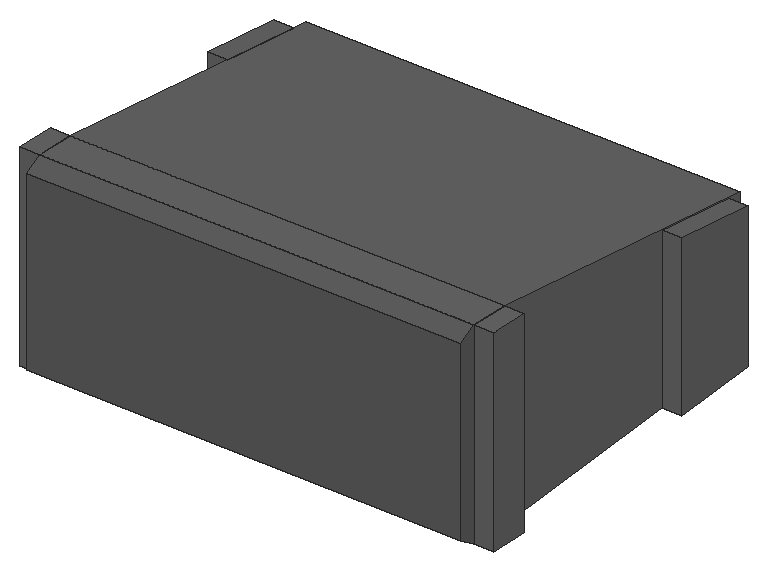
Revit family "WL3082", category Communication Devices, Revit 2012
Parameters
  Width = 21.700"
  Weight Product (lb) = 38
  Weight Product (kg) = 17
  Weight Dimensional (lb) = 45.5
  Weight Dimensional (kg) = 20.7
  URL = "http://www.qscaudio.com/products/speakers/wideline-8/"
  Sensitivity 3 = 108
  Sensitivity 2 = 98
  Sensitivity = 98
  SPL Max = 127
  Rigging Collision Zone Width = (Width - Enclosure Width) / 2  # 0.900"
  Rigging Collision Zone Finish = Black Finish
  Regulatory Compliance = "RoHS"
  Rear Rigging Collision Zone Rear Offset = 15.311"
  Rear Rigging Collision Zone Front Offset = 11.531"
  Rear Height = 6.48047"
  Product Page URL = "http://www.qscaudio.com/products/speakers/wideline-8/"
  Product Documentation Link = "http://media.qscaudio.com/pdfs/Specifications/WideLine8_spec.pdf"
  Power Handling 3 = 85
  Power Handling 2 = 250
  Power Handling = 250
  Model = "WL3082"
  Mid Section Rear Offset = 2.500"
  Manufacturer URL = "www.qscaudio.com"
  Manufacturer = "QSC Audio Products, LLC"
  Impedance 3 = 16
  Impedance 2 = 16
  Impedance = 16
  Height = 9.000"
  Grill Rear Offset = 0.750"
  Grill Front Height = 8.063"
  Grill Finish = Black Grille
  Enclosure Width = 19.900"
  Enclosure Finish = Black Finish
  Description = "Dual 8\" Line Array Loudspeaker Element"
  Depth = 16.000"
  Default Elevation = 0.000"
  Coverage Vertical = 10.00°
  Coverage Horizontal = 140.00°
Reference planes (in)
  plane 1 "Center (Front/Back)": y = 0
  plane 2: z = 0
  plane 3 "Center (Left/Right)": x = 0
  plane 4 "Enclosure Rear Extent": y = 16
  plane 5 "Enclosure Top": z = 4.5
  plane 6 "Enclosure Bottom": z = -4.5
  plane 7 "Enclosure Rear Bottom": z = -3.24023
  plane 8 "Enclosure Rear Top": z = 3.24023
  plane 9 "Grill Rear Extent": y = 0.75
  plane 10 "Mid Section Rear Extent": y = 2.5
  plane 11 "Grill Front Top": z = 4.0315
  plane 12 "Grill Front Bottom": z = -4.0315
  plane 13 "Enclosure Right": x = 9.95
  plane 14 "Enclosure Left": x = -9.95
  plane 15 "Rear Rigging Collision Zone Front": y = 11.531
  plane 16 "Rear Rigging Collision Zone Rear": y = 15.311
  plane 17 "Rigging Collision Zone Extent Left": x = -10.85
  plane 18 "Rigging Collision Zone Extent Right": x = 10.85
  plane 19: y = 6.7362
  plane 20: y = 11.031
  plane 21: z = 0
  plane 22: y = 6.7362
  plane 23: y = 11.031
  plane 24: z = 0.03895
  plane 25: y = 11.031
  plane 26: y = 6.7362
  plane 27: z = 0
Forms (in)
  Extrusion 1, solid, material "Black Finish" <- "Enclosure Finish"
    sketch origin (9.95, 0, 0) x (0, 1, 0) y (0, 0, -1)
      loop
        line (0.75, -4.5) -> (2.5, -4.5) -> (16, -3.24023) -> (16, 3.24023) -> (2.5, 4.5) -> (0.75, 4.5) -> (0.75, -4.5)
    from 0 to 19.9 <- "Enclosure Width"
  Extrusion 2, solid, material "Black Grille" <- "Grill Finish"
    sketch origin (9.95, 0, 0) x (0, 1, 0) y (0, 0, -1)
      loop
        line (0.75, -4.5) -> (0.75, 4.5) -> (0, 4.0315) -> (0, -4.0315) -> (0.75, -4.5)
    from 0 to 19.9 <- "Enclosure Width"
  Extrusion 3, solid, material "Black Finish" <- "Rigging Collision Zone Finish"
    sketch origin (10.85, 0, 0) x (0, 1, 0) y (0, 0, -1)
      loop
        line (11.531, -3.65726) -> (15.311, -3.30453) -> (15.311, 3.30453) -> (11.531, 3.65726) -> (11.531, -3.65726)
    from 0 to 0.9 <- "Rigging Collision Zone Width"
  Extrusion 4, solid, material "Black Finish" <- "Rigging Collision Zone Finish"
    sketch origin (-10.85, 0, 0) x (0, 1, 0) y (0, 0, 1)
      loop
        line (11.531, 3.65726) -> (11.531, -3.65726) -> (15.311, -3.30453) -> (15.311, 3.30453) -> (11.531, 3.65726)
    from 0 to 0.9 <- "Rigging Collision Zone Width"
  Extrusion 5, solid, material "Black Finish" <- "Rigging Collision Zone Finish"
    sketch origin (-10.85, 0, 0) x (0, 1, 0) y (0, 0, 1)
      loop
        line (0.75, 4.5) -> (0.75, -4.5) -> (2.5, -4.5) -> (2.5, 4.5) -> (0.75, 4.5)
    from 0 to 0.9 <- "Rigging Collision Zone Width"
  Extrusion 6, solid, material "Black Finish" <- "Rigging Collision Zone Finish"
    sketch origin (10.85, 0, 0) x (0, 1, 0) y (0, 0, -1)
      loop
        line (0.75, -4.5) -> (2.5, -4.5) -> (2.5, 4.5) -> (0.75, 4.5) -> (0.75, -4.5)
    from 0 to 0.9 <- "Rigging Collision Zone Width"
  Extrusion 7, void
    sketch origin (0, 16, 0) x (0, 0, 1) y (-1, 0, 0)
      loop
        line (1.9845, -2.6095) -> (1.9845, 2.6095)
        arc (1.9845, 2.6095) -> (1.92441, 2.73268) -> (1.79134, 2.7655) r 0.16173
        line (1.79134, 2.7655) -> (-1.79134, 2.7655)
        arc (-1.79134, 2.7655) -> (-1.92519, 2.73364) -> (-1.9845, 2.6095) r 0.15957
        line (-1.9845, 2.6095) -> (-1.9845, -2.6095)
        arc (-1.9845, -2.6095) -> (-1.91548, -2.72163) -> (-1.79134, -2.7655) r 0.19759
        line (-1.79134, -2.7655) -> (1.79134, -2.7655)
        arc (1.79134, -2.7655) -> (1.92453, -2.73283) -> (1.9845, -2.6095) r 0.16139
    from 0 to 0.1
Cuts and joins
  Extrusion 7 cuts Extrusion 1
Lines and regions (in)
  reference lines
    curve 1: line (-9.95, 16, 3.24023) -> (-9.95, 2.5, 4.5)
    curve 2: line (-9.95, 16, -3.24023) -> (-9.95, 2.5, -4.5)
  model lines, not visible, detail levels medium+fine
    curve 3: line (7.95, 12.69672, 0) -> (7.95, 12.69672, 3.86363)
    curve 4: line (7.95, 12.83262, 3.98816) -> (7.95, 16.11636, 3.70087)
    curve 5: arc (7.95, 12.69672, 3.86363) -> (7.95, 12.73727, 3.95579) -> (7.95, 12.83262, 3.98816) r 0.125
    curve 6: line (7.95, 16.57278, 3.20277) -> (7.95, 16.57278, 0)
    curve 7: arc (7.95, 16.11636, 3.70087) -> (7.95, 16.44142, 3.54057) -> (7.95, 16.57278, 3.20277) r 0.5
    curve 8: line (7.95, 12.69672, 0) -> (7.95, 12.69672, -3.86363)
    curve 9: line (7.95, 12.83262, -3.98816) -> (7.95, 16.11636, -3.70087)
    curve 10: arc (7.95, 12.69672, -3.86363) -> (7.95, 12.73727, -3.95579) -> (7.95, 12.83262, -3.98816) r 0.125
    curve 11: line (7.95, 16.57278, -3.20277) -> (7.95, 16.57278, 0)
    curve 12: arc (7.95, 16.11636, -3.70087) -> (7.95, 16.44142, -3.54057) -> (7.95, 16.57278, -3.20277) r 0.5
    curve 13: line (7.95, 13.92376, 0) -> (7.95, 13.92376, 2.64085)
    curve 14: line (7.95, 14.33691, 3.0139) -> (7.95, 15.32756, 2.91257)
    curve 15: line (7.95, 15.4959, 0) -> (7.95, 15.4959, 2.72613)
    curve 16: line (7.95, 13.92376, 0) -> (7.95, 13.92376, -2.64085)
    curve 17: line (7.95, 14.33691, -3.0139) -> (7.95, 15.32756, -2.91257)
    curve 18: line (7.95, 15.4959, 0) -> (7.95, 15.4959, -2.72613)
    curve 19: arc (7.95, 13.92376, 2.64085) -> (7.95, 14.04744, 2.91918) -> (7.95, 14.33691, 3.0139) r 0.375
    curve 20: arc (7.95, 15.32756, 2.91257) -> (7.95, 15.4477, 2.85183) -> (7.95, 15.4959, 2.72613) r 0.187
    curve 21: arc (7.95, 13.92376, -2.64085) -> (7.95, 14.04744, -2.91918) -> (7.95, 14.33691, -3.0139) r 0.375
    curve 22: arc (7.95, 15.32756, -2.91257) -> (7.95, 15.4477, -2.85183) -> (7.95, 15.4959, -2.72613) r 0.187
  model lines, detail levels fine
    curve 23: line (9.95, 6.9494, 0.39835) -> (9.95, 6.7362, -0.00035)
    curve 24: line (9.95, 6.7362, -0.00035) -> (9.95, 6.9493, -0.39825)
    curve 25: arc (9.95, 7.5622, -0.45175) -> (9.95, 7.56938, -0.46907) -> (9.95, 7.5867, -0.47625) r 0.0245
    curve 26: arc (9.95, 7.8179, -0.47625) -> (9.95, 7.83522, -0.46907) -> (9.95, 7.8424, -0.45175) r 0.0245
    curve 27: line (9.95, 7.9597, -0.39835) -> (9.95, 8.1475, -0.24815)
    curve 28: line (9.95, 8.1475, 0.24785) -> (9.95, 7.9597, 0.39835)
    curve 29: arc (9.95, 7.9495, 0.18405) -> (9.95, 7.9338, 0.22195) -> (9.95, 7.8959, 0.23765) r 0.0536
    curve 30: arc (9.95, 7.8959, -0.23765) -> (9.95, 7.9338, -0.22195) -> (9.95, 7.9495, -0.18405) r 0.0536
    curve 31: arc (9.95, 7.8424, -0.18405) -> (9.95, 7.83522, -0.16673) -> (9.95, 7.8179, -0.15955) r 0.0245
    curve 32: arc (9.95, 7.5867, -0.15955) -> (9.95, 7.56938, -0.16673) -> (9.95, 7.5622, -0.18405) r 0.0245
    curve 33: arc (9.95, 7.0584, -0.18405) -> (9.95, 7.0741, -0.22195) -> (9.95, 7.112, -0.23765) r 0.0536
    curve 34: arc (9.95, 7.112, 0.23765) -> (9.95, 7.0741, 0.22195) -> (9.95, 7.0584, 0.18405) r 0.0536
    curve 35: line (9.95, 8.4265, 0.39835) -> (9.95, 8.2428, 0.15845)
    curve 36: line (9.95, 8.2428, 0.15845) -> (9.95, 8.4265, -0.07705)
    curve 37: arc (9.95, 9.2358, -0.13065) -> (9.95, 9.2201, -0.09275) -> (9.95, 9.1822, -0.07705) r 0.0536
    curve 38: arc (9.95, 9.1822, -0.23775) -> (9.95, 9.2201, -0.22205) -> (9.95, 9.2358, -0.18415) r 0.0536
    curve 39: arc (9.95, 8.2986, -0.23775) -> (9.95, 8.2607, -0.25345) -> (9.95, 8.245, -0.29135) r 0.0536
    curve 40: arc (9.95, 8.245, -0.34485) -> (9.95, 8.2607, -0.38275) -> (9.95, 8.2986, -0.39845) r 0.0536
    curve 41: line (9.95, 9.4073, -0.39845) -> (9.95, 9.5919, -0.15775)
    curve 42: line (9.95, 9.5919, -0.15775) -> (9.95, 9.4073, 0.07695)
    curve 43: arc (9.95, 8.598, 0.13055) -> (9.95, 8.6137, 0.09265) -> (9.95, 8.6516, 0.07695) r 0.0536
    curve 44: arc (9.95, 8.6516, 0.23765) -> (9.95, 8.6137, 0.22195) -> (9.95, 8.598, 0.18405) r 0.0536
    curve 45: arc (9.95, 9.5352, 0.23765) -> (9.95, 9.5731, 0.25335) -> (9.95, 9.5888, 0.29125) r 0.0536
    curve 46: arc (9.95, 9.5888, 0.34475) -> (9.95, 9.5731, 0.38265) -> (9.95, 9.5352, 0.39835) r 0.0536
    curve 47: line (9.95, 9.9061, 0.39835) -> (9.95, 9.67982, -0.00131)
    curve 48: line (9.95, 9.67982, -0.00131) -> (9.95, 9.9061, -0.39835)
    curve 49: arc (9.95, 10.9774, -0.39835) -> (9.95, 11.0153, -0.38265) -> (9.95, 11.031, -0.34475) r 0.0536
    curve 50: arc (9.95, 11.031, -0.29125) -> (9.95, 11.0153, -0.25335) -> (9.95, 10.9774, -0.23765) r 0.0536
    curve 51: arc (9.95, 10.0102, -0.18405) -> (9.95, 10.0259, -0.22195) -> (9.95, 10.0638, -0.23765) r 0.0536
    curve 52: arc (9.95, 10.0638, 0.23765) -> (9.95, 10.0259, 0.22195) -> (9.95, 10.0102, 0.18405) r 0.0536
    curve 53: arc (9.95, 10.9774, 0.23765) -> (9.95, 11.0153, 0.25335) -> (9.95, 11.031, 0.29125) r 0.0536
    curve 54: arc (9.95, 11.031, 0.34475) -> (9.95, 11.0153, 0.38265) -> (9.95, 10.9774, 0.39835) r 0.0536
    curve 55: line (9.95, 6.9493, -0.39825) -> (9.95, 7.5622, -0.39825)
    curve 56: line (9.95, 7.5622, -0.39825) -> (9.95, 7.5622, -0.45175)
    curve 57: line (9.95, 7.5867, -0.47625) -> (9.95, 7.8179, -0.47625)
    curve 58: line (9.95, 7.8424, -0.45175) -> (9.95, 7.8424, -0.39835)
    curve 59: line (9.95, 7.8424, -0.39835) -> (9.95, 7.9597, -0.39835)
    curve 60: line (9.95, 8.1475, -0.24815) -> (9.95, 8.1475, 0.24785)
    curve 61: line (9.95, 7.9597, 0.39835) -> (9.95, 6.9494, 0.39835)
    curve 62: line (9.95, 7.112, 0.23765) -> (9.95, 7.8959, 0.23765)
    curve 63: line (9.95, 7.9495, 0.18405) -> (9.95, 7.9495, -0.18405)
    curve 64: line (9.95, 7.8959, -0.23765) -> (9.95, 7.8424, -0.23765)
    curve 65: line (9.95, 7.8424, -0.23765) -> (9.95, 7.8424, -0.18405)
    curve 66: line (9.95, 7.8179, -0.15955) -> (9.95, 7.5867, -0.15955)
    curve 67: line (9.95, 7.5622, -0.18405) -> (9.95, 7.5622, -0.23765)
    curve 68: line (9.95, 7.5622, -0.23765) -> (9.95, 7.112, -0.23765)
    curve 69: line (9.95, 7.0584, -0.18405) -> (9.95, 7.0584, 0.18405)
    curve 70: line (9.95, 8.4265, -0.07705) -> (9.95, 9.1822, -0.07705)
    curve 71: line (9.95, 9.2358, -0.13065) -> (9.95, 9.2358, -0.18415)
    curve 72: line (9.95, 9.1822, -0.23775) -> (9.95, 8.2986, -0.23775)
    curve 73: line (9.95, 8.245, -0.29135) -> (9.95, 8.245, -0.34485)
    curve 74: line (9.95, 8.2986, -0.39845) -> (9.95, 9.4073, -0.39845)
    curve 75: line (9.95, 9.4073, 0.07695) -> (9.95, 8.6516, 0.07695)
    curve 76: line (9.95, 8.598, 0.13055) -> (9.95, 8.598, 0.18405)
    curve 77: line (9.95, 8.6516, 0.23765) -> (9.95, 9.5352, 0.23765)
    curve 78: line (9.95, 9.5888, 0.29125) -> (9.95, 9.5888, 0.34475)
    curve 79: line (9.95, 9.5352, 0.39835) -> (9.95, 8.4265, 0.39835)
    curve 80: line (9.95, 9.9061, -0.39835) -> (9.95, 10.9774, -0.39835)
    curve 81: line (9.95, 11.031, -0.34475) -> (9.95, 11.031, -0.29125)
    curve 82: line (9.95, 10.9774, -0.23765) -> (9.95, 10.0638, -0.23765)
    curve 83: line (9.95, 10.0102, -0.18405) -> (9.95, 10.0102, 0.18405)
    curve 84: line (9.95, 10.0638, 0.23765) -> (9.95, 10.9774, 0.23765)
    curve 85: line (9.95, 11.031, 0.29125) -> (9.95, 11.031, 0.34475)
    curve 86: line (9.95, 10.9774, 0.39835) -> (9.95, 9.9061, 0.39835)
    curve 151: line (-9.95, 10.8178, 0.39835) -> (-9.95, 11.031, -0.00035)
    curve 152: line (-9.95, 11.031, -0.00035) -> (-9.95, 10.8179, -0.39825)
    curve 153: arc (-9.95, 10.205, -0.45175) -> (-9.95, 10.19782, -0.46907) -> (-9.95, 10.1805, -0.47625) r 0.0245
    curve 154: arc (-9.95, 9.9493, -0.47625) -> (-9.95, 9.93198, -0.46907) -> (-9.95, 9.9248, -0.45175) r 0.0245
    curve 155: line (-9.95, 9.8075, -0.39835) -> (-9.95, 9.6197, -0.24815)
    curve 156: line (-9.95, 9.6197, 0.24785) -> (-9.95, 9.8075, 0.39835)
    curve 157: arc (-9.95, 9.8177, 0.18405) -> (-9.95, 9.8334, 0.22195) -> (-9.95, 9.8713, 0.23765) r 0.0536
    curve 158: arc (-9.95, 9.8713, -0.23765) -> (-9.95, 9.8334, -0.22195) -> (-9.95, 9.8177, -0.18405) r 0.0536
    curve 159: arc (-9.95, 9.9248, -0.18405) -> (-9.95, 9.93198, -0.16673) -> (-9.95, 9.9493, -0.15955) r 0.0245
    curve 160: arc (-9.95, 10.1805, -0.15955) -> (-9.95, 10.19782, -0.16673) -> (-9.95, 10.205, -0.18405) r 0.0245
    curve 161: arc (-9.95, 10.7088, -0.18405) -> (-9.95, 10.6931, -0.22195) -> (-9.95, 10.6552, -0.23765) r 0.0536
    curve 162: arc (-9.95, 10.6552, 0.23765) -> (-9.95, 10.6931, 0.22195) -> (-9.95, 10.7088, 0.18405) r 0.0536
    curve 163: line (-9.95, 9.3407, 0.39835) -> (-9.95, 9.5244, 0.15845)
    curve 164: line (-9.95, 9.5244, 0.15845) -> (-9.95, 9.3407, -0.07705)
    curve 165: arc (-9.95, 8.5314, -0.13065) -> (-9.95, 8.5471, -0.09275) -> (-9.95, 8.585, -0.07705) r 0.0536
    curve 166: arc (-9.95, 8.585, -0.23775) -> (-9.95, 8.5471, -0.22205) -> (-9.95, 8.5314, -0.18415) r 0.0536
    curve 167: arc (-9.95, 9.4686, -0.23775) -> (-9.95, 9.5065, -0.25345) -> (-9.95, 9.5222, -0.29135) r 0.0536
    curve 168: arc (-9.95, 9.5222, -0.34485) -> (-9.95, 9.5065, -0.38275) -> (-9.95, 9.4686, -0.39845) r 0.0536
    curve 169: line (-9.95, 8.3599, -0.39845) -> (-9.95, 8.1753, -0.15775)
    curve 170: line (-9.95, 8.1753, -0.15775) -> (-9.95, 8.3599, 0.07695)
    curve 171: arc (-9.95, 9.1692, 0.13055) -> (-9.95, 9.1535, 0.09265) -> (-9.95, 9.1156, 0.07695) r 0.0536
    curve 172: arc (-9.95, 9.1156, 0.23765) -> (-9.95, 9.1535, 0.22195) -> (-9.95, 9.1692, 0.18405) r 0.0536
    curve 173: arc (-9.95, 8.232, 0.23765) -> (-9.95, 8.1941, 0.25335) -> (-9.95, 8.1784, 0.29125) r 0.0536
    curve 174: arc (-9.95, 8.1784, 0.34475) -> (-9.95, 8.1941, 0.38265) -> (-9.95, 8.232, 0.39835) r 0.0536
    curve 175: line (-9.95, 7.8611, 0.39835) -> (-9.95, 8.08738, -0.00131)
    curve 176: line (-9.95, 8.08738, -0.00131) -> (-9.95, 7.8611, -0.39835)
    curve 177: arc (-9.95, 6.7898, -0.39835) -> (-9.95, 6.7519, -0.38265) -> (-9.95, 6.7362, -0.34475) r 0.0536
    curve 178: arc (-9.95, 6.7362, -0.29125) -> (-9.95, 6.7519, -0.25335) -> (-9.95, 6.7898, -0.23765) r 0.0536
    curve 179: arc (-9.95, 7.757, -0.18405) -> (-9.95, 7.7413, -0.22195) -> (-9.95, 7.7034, -0.23765) r 0.0536
    curve 180: arc (-9.95, 7.7034, 0.23765) -> (-9.95, 7.7413, 0.22195) -> (-9.95, 7.757, 0.18405) r 0.0536
    curve 181: arc (-9.95, 6.7898, 0.23765) -> (-9.95, 6.7519, 0.25335) -> (-9.95, 6.7362, 0.29125) r 0.0536
    curve 182: arc (-9.95, 6.7362, 0.34475) -> (-9.95, 6.7519, 0.38265) -> (-9.95, 6.7898, 0.39835) r 0.0536
    curve 183: line (-9.95, 10.8179, -0.39825) -> (-9.95, 10.205, -0.39825)
    curve 184: line (-9.95, 10.205, -0.39825) -> (-9.95, 10.205, -0.45175)
    curve 185: line (-9.95, 10.1805, -0.47625) -> (-9.95, 9.9493, -0.47625)
    curve 186: line (-9.95, 9.9248, -0.45175) -> (-9.95, 9.9248, -0.39835)
    curve 187: line (-9.95, 9.9248, -0.39835) -> (-9.95, 9.8075, -0.39835)
    curve 188: line (-9.95, 9.6197, -0.24815) -> (-9.95, 9.6197, 0.24785)
    curve 189: line (-9.95, 9.8075, 0.39835) -> (-9.95, 10.8178, 0.39835)
    curve 190: line (-9.95, 10.6552, 0.23765) -> (-9.95, 9.8713, 0.23765)
    curve 191: line (-9.95, 9.8177, 0.18405) -> (-9.95, 9.8177, -0.18405)
    curve 192: line (-9.95, 9.8713, -0.23765) -> (-9.95, 9.9248, -0.23765)
    curve 193: line (-9.95, 9.9248, -0.23765) -> (-9.95, 9.9248, -0.18405)
    curve 194: line (-9.95, 9.9493, -0.15955) -> (-9.95, 10.1805, -0.15955)
    curve 195: line (-9.95, 10.205, -0.18405) -> (-9.95, 10.205, -0.23765)
    curve 196: line (-9.95, 10.205, -0.23765) -> (-9.95, 10.6552, -0.23765)
    curve 197: line (-9.95, 10.7088, -0.18405) -> (-9.95, 10.7088, 0.18405)
    curve 198: line (-9.95, 9.3407, -0.07705) -> (-9.95, 8.585, -0.07705)
    curve 199: line (-9.95, 8.5314, -0.13065) -> (-9.95, 8.5314, -0.18415)
    curve 200: line (-9.95, 8.585, -0.23775) -> (-9.95, 9.4686, -0.23775)
    curve 201: line (-9.95, 9.5222, -0.29135) -> (-9.95, 9.5222, -0.34485)
    curve 202: line (-9.95, 9.4686, -0.39845) -> (-9.95, 8.3599, -0.39845)
    curve 203: line (-9.95, 8.3599, 0.07695) -> (-9.95, 9.1156, 0.07695)
    curve 204: line (-9.95, 9.1692, 0.13055) -> (-9.95, 9.1692, 0.18405)
    curve 205: line (-9.95, 9.1156, 0.23765) -> (-9.95, 8.232, 0.23765)
    curve 206: line (-9.95, 8.1784, 0.29125) -> (-9.95, 8.1784, 0.34475)
    curve 207: line (-9.95, 8.232, 0.39835) -> (-9.95, 9.3407, 0.39835)
    curve 208: line (-9.95, 7.8611, -0.39835) -> (-9.95, 6.7898, -0.39835)
    curve 209: line (-9.95, 6.7362, -0.34475) -> (-9.95, 6.7362, -0.29125)
    curve 210: line (-9.95, 6.7898, -0.23765) -> (-9.95, 7.7034, -0.23765)
    curve 211: line (-9.95, 7.757, -0.18405) -> (-9.95, 7.757, 0.18405)
    curve 212: line (-9.95, 7.7034, 0.23765) -> (-9.95, 6.7898, 0.23765)
    curve 213: line (-9.95, 6.7362, 0.29125) -> (-9.95, 6.7362, 0.34475)
    curve 214: line (-9.95, 6.7898, 0.39835) -> (-9.95, 7.8611, 0.39835)
    curve 217: line (2.7655, 16, 1.79134) -> (2.7655, 16, -1.79134)
    curve 218: line (2.6095, 16, 1.9845) -> (-2.6095, 16, 1.9845)
    curve 219: line (-2.7655, 16, 1.79134) -> (-2.7655, 16, -1.79134)
    curve 220: line (-2.6095, 16, -1.9845) -> (2.6095, 16, -1.9845)
    curve 223: arc (2.7655, 16, -1.79134) -> (2.72163, 16, -1.91548) -> (2.6095, 16, -1.9845) r 0.19759
    curve 224: arc (2.7655, 16, 1.79134) -> (2.73283, 16, 1.92453) -> (2.6095, 16, 1.9845) r 0.16139
    curve 225: arc (-2.6095, 16, 1.9845) -> (-2.73268, 16, 1.92441) -> (-2.7655, 16, 1.79134) r 0.16173
    curve 226: arc (-2.6095, 16, -1.9845) -> (-2.73364, 16, -1.92519) -> (-2.7655, 16, -1.79134) r 0.15957
  model lines, not visible, detail levels fine
    curve 87: line (9.95, 6.9494, 0.4373) -> (9.95, 6.7362, 0.0386)
    curve 88: line (9.95, 6.7362, 0.0386) -> (9.95, 6.9493, -0.3593)
    curve 89: arc (9.95, 7.5622, -0.4128) -> (9.95, 7.56938, -0.43012) -> (9.95, 7.5867, -0.4373) r 0.0245
    curve 90: arc (9.95, 7.8179, -0.4373) -> (9.95, 7.83522, -0.43012) -> (9.95, 7.8424, -0.4128) r 0.0245
    curve 91: line (9.95, 7.9597, -0.3594) -> (9.95, 8.1475, -0.2092)
    curve 92: line (9.95, 8.1475, 0.2868) -> (9.95, 7.9597, 0.4373)
    curve 93: arc (9.95, 7.9495, 0.223) -> (9.95, 7.9338, 0.2609) -> (9.95, 7.8959, 0.2766) r 0.0536
    curve 94: arc (9.95, 7.8959, -0.1987) -> (9.95, 7.9338, -0.183) -> (9.95, 7.9495, -0.1451) r 0.0536
    curve 95: arc (9.95, 7.8424, -0.1451) -> (9.95, 7.83522, -0.12778) -> (9.95, 7.8179, -0.1206) r 0.0245
    curve 96: arc (9.95, 7.5867, -0.1206) -> (9.95, 7.56938, -0.12778) -> (9.95, 7.5622, -0.1451) r 0.0245
    curve 97: arc (9.95, 7.0584, -0.1451) -> (9.95, 7.0741, -0.183) -> (9.95, 7.112, -0.1987) r 0.0536
    curve 98: arc (9.95, 7.112, 0.2766) -> (9.95, 7.0741, 0.2609) -> (9.95, 7.0584, 0.223) r 0.0536
    curve 99: line (9.95, 8.4265, 0.4373) -> (9.95, 8.2428, 0.1974)
    curve 100: line (9.95, 8.2428, 0.1974) -> (9.95, 8.4265, -0.0381)
    curve 101: arc (9.95, 9.2358, -0.0917) -> (9.95, 9.2201, -0.0538) -> (9.95, 9.1822, -0.0381) r 0.0536
    curve 102: arc (9.95, 9.1822, -0.1988) -> (9.95, 9.2201, -0.1831) -> (9.95, 9.2358, -0.1452) r 0.0536
    curve 103: arc (9.95, 8.2986, -0.1988) -> (9.95, 8.2607, -0.2145) -> (9.95, 8.245, -0.2524) r 0.0536
    curve 104: arc (9.95, 8.245, -0.3059) -> (9.95, 8.2607, -0.3438) -> (9.95, 8.2986, -0.3595) r 0.0536
    curve 105: line (9.95, 9.4073, -0.3595) -> (9.95, 9.5919, -0.1188)
    curve 106: line (9.95, 9.5919, -0.1188) -> (9.95, 9.4073, 0.1159)
    curve 107: arc (9.95, 8.598, 0.1695) -> (9.95, 8.6137, 0.1316) -> (9.95, 8.6516, 0.1159) r 0.0536
    curve 108: arc (9.95, 8.6516, 0.2766) -> (9.95, 8.6137, 0.2609) -> (9.95, 8.598, 0.223) r 0.0536
    curve 109: arc (9.95, 9.5352, 0.2766) -> (9.95, 9.5731, 0.2923) -> (9.95, 9.5888, 0.3302) r 0.0536
    curve 110: arc (9.95, 9.5888, 0.3837) -> (9.95, 9.5731, 0.4216) -> (9.95, 9.5352, 0.4373) r 0.0536
    curve 111: line (9.95, 9.9061, 0.4373) -> (9.95, 9.67982, 0.03764)
    curve 112: line (9.95, 9.67982, 0.03764) -> (9.95, 9.9061, -0.3594)
    curve 113: arc (9.95, 10.9774, -0.3594) -> (9.95, 11.0153, -0.3437) -> (9.95, 11.031, -0.3058) r 0.0536
    curve 114: arc (9.95, 11.031, -0.2523) -> (9.95, 11.0153, -0.2144) -> (9.95, 10.9774, -0.1987) r 0.0536
    curve 115: arc (9.95, 10.0102, -0.1451) -> (9.95, 10.0259, -0.183) -> (9.95, 10.0638, -0.1987) r 0.0536
    curve 116: arc (9.95, 10.0638, 0.2766) -> (9.95, 10.0259, 0.2609) -> (9.95, 10.0102, 0.223) r 0.0536
    curve 117: arc (9.95, 10.9774, 0.2766) -> (9.95, 11.0153, 0.2923) -> (9.95, 11.031, 0.3302) r 0.0536
    curve 118: arc (9.95, 11.031, 0.3837) -> (9.95, 11.0153, 0.4216) -> (9.95, 10.9774, 0.4373) r 0.0536
    curve 119: line (9.95, 6.9493, -0.3593) -> (9.95, 7.5622, -0.3593)
    curve 120: line (9.95, 7.5622, -0.3593) -> (9.95, 7.5622, -0.4128)
    curve 121: line (9.95, 7.5867, -0.4373) -> (9.95, 7.8179, -0.4373)
    curve 122: line (9.95, 7.8424, -0.4128) -> (9.95, 7.8424, -0.3594)
    curve 123: line (9.95, 7.8424, -0.3594) -> (9.95, 7.9597, -0.3594)
    curve 124: line (9.95, 8.1475, -0.2092) -> (9.95, 8.1475, 0.2868)
    curve 125: line (9.95, 7.9597, 0.4373) -> (9.95, 6.9494, 0.4373)
    curve 126: line (9.95, 7.112, 0.2766) -> (9.95, 7.8959, 0.2766)
    curve 127: line (9.95, 7.9495, 0.223) -> (9.95, 7.9495, -0.1451)
    curve 128: line (9.95, 7.8959, -0.1987) -> (9.95, 7.8424, -0.1987)
    curve 129: line (9.95, 7.8424, -0.1987) -> (9.95, 7.8424, -0.1451)
    curve 130: line (9.95, 7.8179, -0.1206) -> (9.95, 7.5867, -0.1206)
    curve 131: line (9.95, 7.5622, -0.1451) -> (9.95, 7.5622, -0.1987)
    curve 132: line (9.95, 7.5622, -0.1987) -> (9.95, 7.112, -0.1987)
    curve 133: line (9.95, 7.0584, -0.1451) -> (9.95, 7.0584, 0.223)
    curve 134: line (9.95, 8.4265, -0.0381) -> (9.95, 9.1822, -0.0381)
    curve 135: line (9.95, 9.2358, -0.0917) -> (9.95, 9.2358, -0.1452)
    curve 136: line (9.95, 9.1822, -0.1988) -> (9.95, 8.2986, -0.1988)
    curve 137: line (9.95, 8.245, -0.2524) -> (9.95, 8.245, -0.3059)
    curve 138: line (9.95, 8.2986, -0.3595) -> (9.95, 9.4073, -0.3595)
    curve 139: line (9.95, 9.4073, 0.1159) -> (9.95, 8.6516, 0.1159)
    curve 140: line (9.95, 8.598, 0.1695) -> (9.95, 8.598, 0.223)
    curve 141: line (9.95, 8.6516, 0.2766) -> (9.95, 9.5352, 0.2766)
    curve 142: line (9.95, 9.5888, 0.3302) -> (9.95, 9.5888, 0.3837)
    curve 143: line (9.95, 9.5352, 0.4373) -> (9.95, 8.4265, 0.4373)
    curve 144: line (9.95, 9.9061, -0.3594) -> (9.95, 10.9774, -0.3594)
    curve 145: line (9.95, 11.031, -0.3058) -> (9.95, 11.031, -0.2523)
    curve 146: line (9.95, 10.9774, -0.1987) -> (9.95, 10.0638, -0.1987)
    curve 147: line (9.95, 10.0102, -0.1451) -> (9.95, 10.0102, 0.223)
    curve 148: line (9.95, 10.0638, 0.2766) -> (9.95, 10.9774, 0.2766)
    curve 149: line (9.95, 11.031, 0.3302) -> (9.95, 11.031, 0.3837)
    curve 150: line (9.95, 10.9774, 0.4373) -> (9.95, 9.9061, 0.4373)
  model lines, detail levels medium+fine
    curve 215: line (8.85937, 16, 2.3125) -> (8.85937, 16, -2.3125)
    curve 216: line (8.17187, 16, -2.3125) -> (8.17187, 16, 2.3125)
    curve 221: arc (8.85937, 16, 2.3125) -> (8.51562, 16, 2.65625) -> (8.17187, 16, 2.3125) r 0.34375
    curve 222: arc (8.85937, 16, -2.3125) -> (8.51562, 16, -2.65625) -> (8.17187, 16, -2.3125) r 0.34375
    curve 227: line (-8.17188, 16, -2.3125) -> (-8.17188, 16, 2.3125)
    curve 228: line (-8.85938, 16, 2.3125) -> (-8.85938, 16, -2.3125)
    curve 229: arc (-8.17188, 16, 2.3125) -> (-8.51563, 16, 2.65625) -> (-8.85938, 16, 2.3125) r 0.34375
    curve 230: arc (-8.17188, 16, -2.3125) -> (-8.51563, 16, -2.65625) -> (-8.85938, 16, -2.3125) r 0.34375
    curve 231: line (-9.95, 2.5, 0) -> (-9.95, 2.5, 3.86363)
    curve 232: line (-9.95, 2.6359, 3.98816) -> (-9.95, 5.91964, 3.70087)
    curve 233: arc (-9.95, 2.5, 3.86363) -> (-9.95, 2.54055, 3.95579) -> (-9.95, 2.6359, 3.98816) r 0.125
    curve 234: line (-9.95, 6.37606, 3.20277) -> (-9.95, 6.37606, 0)
    curve 235: arc (-9.95, 5.91964, 3.70087) -> (-9.95, 6.2447, 3.54057) -> (-9.95, 6.37606, 3.20277) r 0.5
    curve 236: line (-9.95, 2.5, 0) -> (-9.95, 2.5, -3.86363)
    curve 237: line (-9.95, 2.6359, -3.98816) -> (-9.95, 5.91964, -3.70087)
    curve 238: arc (-9.95, 2.5, -3.86363) -> (-9.95, 2.54055, -3.95579) -> (-9.95, 2.6359, -3.98816) r 0.125
    curve 239: line (-9.95, 6.37606, -3.20277) -> (-9.95, 6.37606, 0)
    curve 240: arc (-9.95, 5.91964, -3.70087) -> (-9.95, 6.2447, -3.54057) -> (-9.95, 6.37606, -3.20277) r 0.5
    curve 241: line (-9.95, 3.72703, 0) -> (-9.95, 3.72703, 2.64085)
    curve 242: line (-9.95, 4.14019, 3.0139) -> (-9.95, 5.13084, 2.91257)
    curve 243: line (-9.95, 5.29918, 0) -> (-9.95, 5.29918, 2.72613)
    curve 244: line (-9.95, 3.72703, 0) -> (-9.95, 3.72703, -2.64085)
    curve 245: line (-9.95, 4.14019, -3.0139) -> (-9.95, 5.13084, -2.91257)
    curve 246: line (-9.95, 5.29918, 0) -> (-9.95, 5.29918, -2.72613)
    curve 247: arc (-9.95, 3.72703, 2.64085) -> (-9.95, 3.85072, 2.91918) -> (-9.95, 4.14019, 3.0139) r 0.375
    curve 248: arc (-9.95, 5.13084, 2.91257) -> (-9.95, 5.25097, 2.85183) -> (-9.95, 5.29918, 2.72613) r 0.187
    curve 249: arc (-9.95, 3.72703, -2.64085) -> (-9.95, 3.85072, -2.91918) -> (-9.95, 4.14019, -3.0139) r 0.375
    curve 250: arc (-9.95, 5.13084, -2.91257) -> (-9.95, 5.25097, -2.85183) -> (-9.95, 5.29918, -2.72613) r 0.187
    curve 251: line (9.95, 2.5, 0) -> (9.95, 2.5, 3.86363)
    curve 252: line (9.95, 2.6359, 3.98816) -> (9.95, 5.91964, 3.70087)
    curve 253: arc (9.95, 2.5, 3.86363) -> (9.95, 2.54055, 3.95579) -> (9.95, 2.6359, 3.98816) r 0.125
    curve 254: line (9.95, 6.37606, 3.20277) -> (9.95, 6.37606, 0)
    curve 255: arc (9.95, 5.91964, 3.70087) -> (9.95, 6.2447, 3.54057) -> (9.95, 6.37606, 3.20277) r 0.5
    curve 256: line (9.95, 2.5, 0) -> (9.95, 2.5, -3.86363)
    curve 257: line (9.95, 2.6359, -3.98816) -> (9.95, 5.91964, -3.70087)
    curve 258: arc (9.95, 2.5, -3.86363) -> (9.95, 2.54055, -3.95579) -> (9.95, 2.6359, -3.98816) r 0.125
    curve 259: line (9.95, 6.37606, -3.20277) -> (9.95, 6.37606, 0)
    curve 260: arc (9.95, 5.91964, -3.70087) -> (9.95, 6.2447, -3.54057) -> (9.95, 6.37606, -3.20277) r 0.5
    curve 261: line (9.95, 3.72703, 0) -> (9.95, 3.72703, 2.64085)
    curve 262: line (9.95, 4.14019, 3.0139) -> (9.95, 5.13084, 2.91257)
    curve 263: line (9.95, 5.29918, 0) -> (9.95, 5.29918, 2.72613)
    curve 264: line (9.95, 3.72703, 0) -> (9.95, 3.72703, -2.64085)
    curve 265: line (9.95, 4.14019, -3.0139) -> (9.95, 5.13084, -2.91257)
    curve 266: line (9.95, 5.29918, 0) -> (9.95, 5.29918, -2.72613)
    curve 267: arc (9.95, 3.72703, 2.64085) -> (9.95, 3.85072, 2.91918) -> (9.95, 4.14019, 3.0139) r 0.375
    curve 268: arc (9.95, 5.13084, 2.91257) -> (9.95, 5.25097, 2.85183) -> (9.95, 5.29918, 2.72613) r 0.187
    curve 269: arc (9.95, 3.72703, -2.64085) -> (9.95, 3.85072, -2.91918) -> (9.95, 4.14019, -3.0139) r 0.375
    curve 270: arc (9.95, 5.13084, -2.91257) -> (9.95, 5.25097, -2.85183) -> (9.95, 5.29918, -2.72613) r 0.187
Dimensions and locks (in)
  equal spacing: plane 5 "Enclosure Top", level, plane 6 "Enclosure Bottom"
  "Height": plane 5 "Enclosure Top" to plane 6 "Enclosure Bottom"
  equal spacing: plane 8 "Enclosure Rear Top", level, plane 7 "Enclosure Rear Bottom"
  "Rear Height": plane 8 "Enclosure Rear Top" to plane 7 "Enclosure Rear Bottom"
  "Depth": plane 1 "Center (Front/Back)" to plane 4 "Enclosure Rear Extent"
  "Grill Rear Offset": plane 1 "Center (Front/Back)" to plane 9 "Grill Rear Extent"
  "Mid Section Rear Offset": plane 1 "Center (Front/Back)" to plane 10 "Mid Section Rear Extent"
  equal spacing: plane 11 "Grill Front Top", level, plane 12 "Grill Front Bottom"
  "Grill Front Height": plane 11 "Grill Front Top" to plane 12 "Grill Front Bottom"
  equal spacing: plane 14 "Enclosure Left", plane 3 "Center (Left/Right)", plane 13 "Enclosure Right"
  "Enclosure Width": plane 14 "Enclosure Left" to plane 13 "Enclosure Right"
  equal spacing: plane 17 "Rigging Collision Zone Extent Left", plane 3 "Center (Left/Right)", plane 18 "Rigging Collision Zone Extent Right"
  "Width": plane 17 "Rigging Collision Zone Extent Left" to plane 18 "Rigging Collision Zone Extent Right"
  "Rear Rigging Collision Zone Front Offset": plane 1 "Center (Front/Back)" to plane 15 "Rear Rigging Collision Zone Front"
  "Rear Rigging Collision Zone Rear Offset": plane 1 "Center (Front/Back)" to plane 16 "Rear Rigging Collision Zone Rear"
  locked: plane 20 to Extrusion 3 at 0.5
  locked: plane 15 "Rear Rigging Collision Zone Front" to plane 25 at 0.5
  aligned and locked: plane 2 to level
  aligned and locked: plane 5 "Enclosure Top" to Extrusion 1 sketch curve
  aligned and locked: plane 9 "Grill Rear Extent" to Extrusion 1 sketch curve
  aligned and locked: plane 6 "Enclosure Bottom" to Extrusion 1 sketch curve
  aligned and locked: Extrusion 1 sketch curve to plane 4 "Enclosure Rear Extent"
  aligned and locked: plane 8 "Enclosure Rear Top" to Extrusion 1 sketch curve
  aligned and locked: plane 7 "Enclosure Rear Bottom" to Extrusion 1 sketch curve
  aligned and locked: plane 10 "Mid Section Rear Extent" to Extrusion 1 sketch curve  (x2)
  aligned and locked: plane 1 "Center (Front/Back)" to Extrusion 2 sketch curve
  aligned and locked: Extrusion 2 sketch curve to plane 9 "Grill Rear Extent"
  aligned and locked: plane 11 "Grill Front Top" to Extrusion 2 sketch curve
  aligned and locked: plane 12 "Grill Front Bottom" to Extrusion 2 sketch curve
  aligned and locked: plane 6 "Enclosure Bottom" to Extrusion 2 sketch curve
  aligned and locked: Extrusion 3 sketch curve to plane 16 "Rear Rigging Collision Zone Rear"
  aligned and locked: plane 15 "Rear Rigging Collision Zone Front" to Extrusion 3 sketch curve
  aligned and locked: plane 8 "Enclosure Rear Top" to curve 1
  aligned and locked: plane 5 "Enclosure Top" to curve 1
  aligned and locked: plane 7 "Enclosure Rear Bottom" to curve 2
  aligned and locked: plane 6 "Enclosure Bottom" to curve 2
  aligned and locked: Extrusion 3 sketch curve to curve 1
  aligned and locked: curve 2 to Extrusion 3 sketch curve
  aligned and locked: plane 10 "Mid Section Rear Extent" to curve 1
  aligned and locked: plane 4 "Enclosure Rear Extent" to curve 1
  aligned and locked: plane 4 "Enclosure Rear Extent" to curve 2
  aligned and locked: plane 10 "Mid Section Rear Extent" to curve 2
  aligned and locked: Extrusion 4 sketch curve to plane 16 "Rear Rigging Collision Zone Rear"
  aligned and locked: plane 15 "Rear Rigging Collision Zone Front" to Extrusion 4 sketch curve
  aligned and locked: Extrusion 5 sketch curve to plane 5 "Enclosure Top"
  aligned and locked: Extrusion 5 sketch curve to plane 9 "Grill Rear Extent"
  aligned and locked: Extrusion 5 sketch curve to plane 6 "Enclosure Bottom"
  aligned and locked: plane 10 "Mid Section Rear Extent" to Extrusion 5 sketch curve
  aligned and locked: plane 5 "Enclosure Top" to Extrusion 6 sketch curve
  aligned and locked: plane 9 "Grill Rear Extent" to Extrusion 6 sketch curve
  aligned and locked: plane 6 "Enclosure Bottom" to Extrusion 6 sketch curve
  aligned and locked: Extrusion 6 sketch curve to plane 10 "Mid Section Rear Extent"
  aligned and locked: Extrusion 4 sketch curve to curve 1
  aligned and locked: curve 2 to Extrusion 4 sketch curve
  aligned and locked: plane 21 to level
  aligned and locked: plane 27 to level
  aligned and locked: Extrusion 7 sketch curve to curve 218
  aligned and locked: Extrusion 7 sketch curve to curve 225
  aligned and locked: Extrusion 7 sketch curve to curve 219
  aligned and locked: Extrusion 7 sketch curve to curve 226
  aligned and locked: Extrusion 7 sketch curve to curve 223
  aligned and locked: Extrusion 7 sketch curve to curve 224
  aligned and locked: plane 14 "Enclosure Left" to curve 233
  aligned and locked: plane 10 "Mid Section Rear Extent" to curve 231
  aligned and locked: level to curve 244
  aligned and locked: curve 251 to plane 13 "Enclosure Right"
  aligned and locked: curve 251 to plane 10 "Mid Section Rear Extent"
  aligned and locked: level to curve 264
  aligned and locked: plane 13 "Enclosure Right" to curve 62
  aligned and locked: plane 14 "Enclosure Left" to curve 207
Automatic sketch dimensions
  Extrusion 2 sketch curve to plane 5 "Enclosure Top" = 0.000"
  curve 24 to plane 19 = 0.000"
  curve 50 to plane 20 = 0.000"
  curve 53 to plane 20 = 0.000"
  curve 24 to plane 19 = 0.2131"
  curve 61 to plane 19 = 0.2132"
  curve 23 to curve 69 = 0.109"
  curve 69 to curve 62 = 0.0536"
  curve 33 to curve 33 = 0.0536"
  curve 33 to curve 55 = 0.4502"
  curve 67 to curve 55 = 0.000"
  curve 56 to curve 25 = 0.0245"
  curve 67 to curve 32 = 0.0245"
  curve 66 to curve 31 = 0.2312"
  curve 25 to curve 26 = 0.2312"
  curve 26 to curve 58 = 0.0245"
  curve 31 to curve 64 = 0.0245"
  curve 64 to curve 30 = 0.0535"
  curve 29 to plane 21 = 0.23765"
  curve 31 to curve 29 = 0.078"
  curve 30 to curve 63 = 0.0536"
  curve 58 to curve 59 = 0.1173"
  curve 29 to curve 61 = 0.0638"
  curve 28 to plane 21 = 0.39835"
  curve 28 to plane 21 = 0.24785"
  curve 29 to curve 28 = 0.198"
  curve 36 to plane 21 = 0.15845"
  curve 28 to curve 36 = 0.0953"
  curve 27 to curve 39 = 0.0975"
  curve 73 to curve 39 = 0.0536"
  curve 40 to curve 39 = 0.000"
  plane 21 to curve 70 = 0.07705"
  curve 39 to curve 70 = 0.1279"
  curve 36 to curve 79 = 0.1837"
  curve 35 to curve 76 = 0.1715"
  curve 76 to curve 43 = 0.0536"
  curve 76 to curve 77 = 0.0536"
  plane 21 to curve 38 = 0.18415"
  curve 43 to curve 38 = 0.5306"
  curve 37 to curve 38 = 0.000"
  curve 38 to curve 38 = 0.0536"
  curve 75 to plane 21 = 0.07695"
  curve 37 to curve 75 = 0.1715"
  curve 71 to curve 41 = 0.1715"
  curve 75 to curve 45 = 0.1279"
  curve 46 to curve 45 = 0.000"
  curve 45 to curve 45 = 0.0536"
  curve 42 to curve 41 = 0.1846"
  plane 21 to curve 42 = 0.15775"
  curve 41 to curve 48 = 0.08792"
  plane 21 to curve 47 = 0.00131"
  curve 41 to curve 80 = 0.3142"
  curve 46 to curve 86 = 0.3173"
  curve 47 to plane 21 = 0.39835"
  curve 48 to curve 83 = 0.1041"
  curve 51 to curve 51 = 0.0536"
  curve 83 to curve 84 = 0.0536"
  curve 53 to plane 20 = 0.0536"
  curve 50 to plane 20 = 0.0536"
  curve 54 to curve 53 = 0.000"
  curve 49 to plane 20 = 0.0536"
  curve 78 to curve 78 = 0.0535"
  curve 54 to curve 53 = 0.0535"
  curve 44 to curve 43 = 0.0535"
  plane 21 to curve 23 = 0.00035"
  plane 21 to curve 31 = 0.15955"
  plane 21 to curve 51 = 0.18405"
  curve 30 to curve 31 = 0.000"
  plane 21 to curve 33 = 0.18405"
  curve 72 to curve 27 = 0.0104"
  curve 81 to curve 81 = 0.0535"
  curve 39 to curve 40 = 0.0535"
  curve 33 to curve 55 = 0.1606"
  curve 55 to curve 56 = 0.0535"
  curve 58 to curve 26 = 0.0534"
  curve 88 to plane 22 = 0.000"
  curve 114 to plane 23 = 0.000"
  curve 117 to plane 23 = 0.000"
  curve 88 to plane 22 = 0.2131"
  curve 125 to plane 22 = 0.2132"
  curve 87 to curve 133 = 0.109"
  curve 133 to curve 126 = 0.0536"
  curve 97 to curve 97 = 0.0536"
  curve 97 to curve 119 = 0.4502"
  curve 131 to curve 119 = 0.000"
  curve 120 to curve 89 = 0.0245"
  curve 131 to curve 96 = 0.0245"
  curve 130 to curve 95 = 0.2312"
  curve 89 to curve 90 = 0.2312"
  curve 90 to curve 122 = 0.0245"
  curve 95 to curve 128 = 0.0245"
  curve 128 to curve 94 = 0.0535"
  curve 93 to plane 24 = 0.23765"
  curve 95 to curve 93 = 0.078"
  curve 94 to curve 127 = 0.0536"
  curve 122 to curve 123 = 0.1173"
  curve 93 to curve 125 = 0.0638"
  curve 92 to plane 24 = 0.39835"
  curve 92 to plane 24 = 0.24785"
  curve 93 to curve 92 = 0.198"
  curve 100 to plane 24 = 0.15845"
  curve 92 to curve 100 = 0.0953"
  curve 91 to curve 103 = 0.0975"
  curve 137 to curve 103 = 0.0536"
  curve 104 to curve 103 = 0.000"
  plane 24 to curve 134 = 0.07705"
  curve 103 to curve 134 = 0.1279"
  curve 100 to curve 143 = 0.1837"
  curve 99 to curve 140 = 0.1715"
  curve 140 to curve 107 = 0.0536"
  curve 140 to curve 141 = 0.0536"
  plane 24 to curve 102 = 0.18415"
  curve 107 to curve 102 = 0.5306"
  curve 101 to curve 102 = 0.000"
  curve 102 to curve 102 = 0.0536"
  curve 139 to plane 24 = 0.07695"
  curve 101 to curve 139 = 0.1715"
  curve 135 to curve 105 = 0.1715"
  curve 139 to curve 109 = 0.1279"
  curve 110 to curve 109 = 0.000"
  curve 109 to curve 109 = 0.0536"
  curve 106 to curve 105 = 0.1846"
  plane 24 to curve 106 = 0.15775"
  curve 105 to curve 112 = 0.08792"
  plane 24 to curve 111 = 0.00131"
  curve 105 to curve 144 = 0.3142"
  curve 110 to curve 150 = 0.3173"
  curve 111 to plane 24 = 0.39835"
  curve 112 to curve 147 = 0.1041"
  curve 115 to curve 115 = 0.0536"
  curve 147 to curve 148 = 0.0536"
  curve 117 to plane 23 = 0.0536"
  curve 114 to plane 23 = 0.0536"
  curve 118 to curve 117 = 0.000"
  curve 113 to plane 23 = 0.0536"
  curve 142 to curve 142 = 0.0535"
  curve 118 to curve 117 = 0.0535"
  curve 108 to curve 107 = 0.0535"
  plane 24 to curve 87 = 0.00035"
  plane 24 to curve 95 = 0.15955"
  plane 24 to curve 115 = 0.18405"
  curve 94 to curve 95 = 0.000"
  plane 24 to curve 97 = 0.18405"
  curve 136 to curve 91 = 0.0104"
  curve 145 to curve 145 = 0.0535"
  curve 103 to curve 104 = 0.0535"
  curve 97 to curve 119 = 0.1606"
  curve 119 to curve 120 = 0.0535"
  curve 122 to curve 90 = 0.0534"
  curve 152 to plane 25 = 0.000"
  curve 178 to plane 26 = 0.000"
  curve 181 to plane 26 = 0.000"
  curve 152 to plane 25 = 0.2131"
  curve 189 to plane 25 = 0.2132"
  curve 151 to curve 197 = 0.109"
  curve 197 to curve 190 = 0.0536"
  curve 161 to curve 161 = 0.0536"
  curve 161 to curve 183 = 0.4502"
  curve 195 to curve 183 = 0.000"
  curve 184 to curve 153 = 0.0245"
  curve 195 to curve 160 = 0.0245"
  curve 194 to curve 159 = 0.2312"
  curve 153 to curve 154 = 0.2312"
  curve 154 to curve 186 = 0.0245"
  curve 159 to curve 192 = 0.0245"
  curve 192 to curve 158 = 0.0535"
  curve 157 to plane 27 = 0.23765"
  curve 159 to curve 157 = 0.078"
  curve 158 to curve 191 = 0.0536"
  curve 186 to curve 187 = 0.1173"
  curve 157 to curve 189 = 0.0638"
  curve 156 to plane 27 = 0.39835"
  curve 156 to plane 27 = 0.24785"
  curve 157 to curve 156 = 0.198"
  curve 164 to plane 27 = 0.15845"
  curve 156 to curve 164 = 0.0953"
  curve 155 to curve 167 = 0.0975"
  curve 201 to curve 167 = 0.0536"
  curve 168 to curve 167 = 0.000"
  plane 27 to curve 198 = 0.07705"
  curve 167 to curve 198 = 0.1279"
  curve 164 to curve 207 = 0.1837"
  curve 163 to curve 204 = 0.1715"
  curve 204 to curve 171 = 0.0536"
  curve 204 to curve 205 = 0.0536"
  plane 27 to curve 166 = 0.18415"
  curve 171 to curve 166 = 0.5306"
  curve 165 to curve 166 = 0.000"
  curve 166 to curve 166 = 0.0536"
  curve 203 to plane 27 = 0.07695"
  curve 165 to curve 203 = 0.1715"
  curve 199 to curve 169 = 0.1715"
  curve 203 to curve 173 = 0.1279"
  curve 174 to curve 173 = 0.000"
  curve 173 to curve 173 = 0.0536"
  curve 170 to curve 169 = 0.1846"
  plane 27 to curve 170 = 0.15775"
  curve 169 to curve 176 = 0.08792"
  plane 27 to curve 175 = 0.00131"
  curve 169 to curve 208 = 0.3142"
  curve 174 to curve 214 = 0.3173"
  curve 175 to plane 27 = 0.39835"
  curve 176 to curve 211 = 0.1041"
  curve 179 to curve 179 = 0.0536"
  curve 211 to curve 212 = 0.0536"
  curve 181 to plane 26 = 0.0536"
  curve 178 to plane 26 = 0.0536"
  curve 182 to curve 181 = 0.000"
  curve 177 to plane 26 = 0.0536"
  curve 206 to curve 206 = 0.0535"
  curve 182 to curve 181 = 0.0535"
  curve 172 to curve 171 = 0.0535"
  plane 27 to curve 151 = 0.00035"
  plane 27 to curve 159 = 0.15955"
  plane 27 to curve 179 = 0.18405"
  curve 158 to curve 159 = 0.000"
  plane 27 to curve 161 = 0.18405"
  curve 200 to curve 155 = 0.0104"
  curve 209 to curve 209 = 0.0535"
  curve 167 to curve 168 = 0.0535"
  curve 161 to curve 183 = 0.1606"
  curve 183 to curve 184 = 0.0535"
  curve 186 to curve 154 = 0.0534"
  plane 7 "Enclosure Rear Bottom" to curve 230 = 0.92773"
  plane 7 "Enclosure Rear Bottom" to curve 215 = 0.92773"
  plane 7 "Enclosure Rear Bottom" to curve 220 = 1.25573"
  curve 220 to curve 226 = 0.15957"
  curve 226 to curve 226 = 0.03359"
  curve 223 to curve 223 = 0.19316"
  plane 8 "Enclosure Rear Top" to curve 219 = 1.4489"
  plane 8 "Enclosure Rear Top" to curve 224 = 1.4489"
  curve 219 to curve 225 = 0.03145"
  curve 224 to curve 224 = 0.03179"
  curve 225 to curve 225 = 0.16171"
  plane 8 "Enclosure Rear Top" to curve 221 = 0.92773"
  plane 8 "Enclosure Rear Top" to curve 227 = 0.92773"
  curve 228 to plane 14 "Enclosure Left" = 1.09062"
  curve 230 to curve 227 = 0.34375"
  plane 3 "Center (Left/Right)" to curve 225 = 2.7655"
  curve 225 to curve 218 = 0.156"
  curve 223 to plane 3 "Center (Left/Right)" = 2.56791"
  curve 224 to plane 3 "Center (Left/Right)" = 2.60728"
  curve 224 to curve 224 = 0.00222"
  curve 216 to plane 13 "Enclosure Right" = 1.77813"
  curve 216 to curve 221 = 0.34375"
  curve 3 to curve 5 = 0.125"
  curve 8 to curve 10 = 0.125"
  curve 10 to curve 9 = 0.01089"
  curve 5 to curve 4 = 0.01089"
  curve 10 to curve 16 = 1.10203"
  curve 13 to curve 19 = 0.375"
  curve 16 to curve 21 = 0.375"
  curve 21 to curve 21 = 0.03816"
  curve 19 to curve 14 = 0.03816"
  curve 21 to curve 22 = 0.97199"
  curve 20 to curve 14 = 0.01866"
  curve 22 to curve 17 = 0.01866"
  curve 20 to curve 20 = 0.187"
  curve 22 to curve 22 = 0.187"
  curve 22 to curve 12 = 0.57688"
  curve 20 to curve 7 = 0.57688"
  curve 12 to curve 12 = 0.04358"
  curve 7 to curve 7 = 0.04358"
  curve 7 to curve 7 = 0.500"
  curve 5 to curve 7 = 0.28729"
  curve 5 to curve 19 = 0.84973"
  curve 7 to curve 20 = 0.2902"
  curve 20 to curve 20 = 0.18607"
  curve 15 to curve 11 = 2.72613"
  curve 6 to curve 15 = 0.000"
  curve 13 to curve 15 = 0.000"
  curve 8 to curve 13 = 0.000"
  curve 13 to curve 21 = 2.64085"
  curve 18 to curve 21 = 0.28777"
  curve 18 to curve 22 = 0.00037"
  curve 22 to curve 12 = 0.47664"
  curve 16 to curve 10 = 1.22278"
  curve 231 to curve 233 = 0.125"
  curve 236 to curve 238 = 0.125"
  curve 238 to curve 237 = 0.01089"
  curve 233 to curve 232 = 0.01089"
  curve 238 to curve 244 = 1.10203"
  curve 241 to curve 247 = 0.375"
  curve 244 to curve 249 = 0.375"
  curve 249 to curve 249 = 0.03816"
  curve 247 to curve 242 = 0.03816"
  curve 249 to curve 250 = 0.97199"
  curve 248 to curve 242 = 0.01866"
  curve 250 to curve 245 = 0.01866"
  curve 248 to curve 248 = 0.187"
  curve 250 to curve 250 = 0.187"
  curve 250 to curve 240 = 0.57688"
  curve 248 to curve 235 = 0.57688"
  curve 240 to curve 240 = 0.04358"
  curve 235 to curve 235 = 0.04358"
  curve 235 to curve 235 = 0.500"
  curve 233 to curve 235 = 0.28729"
  curve 233 to curve 247 = 0.84973"
  curve 235 to curve 248 = 0.2902"
  curve 248 to curve 248 = 0.18607"
  curve 243 to curve 239 = 2.72613"
  curve 234 to curve 243 = 0.000"
  curve 241 to curve 243 = 0.000"
  curve 236 to curve 241 = 0.000"
  curve 241 to curve 249 = 2.64085"
  curve 246 to curve 249 = 0.28777"
  curve 246 to curve 250 = 0.00037"
  curve 250 to curve 240 = 0.47664"
  curve 244 to curve 238 = 1.22278"
  curve 251 to curve 253 = 0.125"
  curve 256 to curve 258 = 0.125"
  curve 258 to curve 257 = 0.01089"
  curve 253 to curve 252 = 0.01089"
  curve 258 to curve 264 = 1.10203"
  curve 261 to curve 267 = 0.375"
  curve 264 to curve 269 = 0.375"
  curve 269 to curve 269 = 0.03816"
  curve 267 to curve 262 = 0.03816"
  curve 269 to curve 270 = 0.97199"
  curve 268 to curve 262 = 0.01866"
  curve 270 to curve 265 = 0.01866"
  curve 268 to curve 268 = 0.187"
  curve 270 to curve 270 = 0.187"
  curve 270 to curve 260 = 0.57688"
  curve 268 to curve 255 = 0.57688"
  curve 260 to curve 260 = 0.04358"
  curve 255 to curve 255 = 0.04358"
  curve 255 to curve 255 = 0.500"
  curve 253 to curve 255 = 0.28729"
  curve 253 to curve 267 = 0.84973"
  curve 255 to curve 268 = 0.2902"
  curve 268 to curve 268 = 0.18607"
  curve 263 to curve 259 = 2.72613"
  curve 254 to curve 263 = 0.000"
  curve 261 to curve 263 = 0.000"
  curve 256 to curve 261 = 0.000"
  curve 261 to curve 269 = 2.64085"
  curve 266 to curve 269 = 0.28777"
  curve 266 to curve 270 = 0.00037"
  curve 270 to curve 260 = 0.47664"
  curve 264 to curve 258 = 1.22278"
Connectors (in)
  electrical at (0, 15.9, 0)
    settings: on cut or joined group of Extrusion 1, Extrusion 7, index 1, voltage 0 V, apparent load 0 VA, apparent load phase1 0 VA, apparent load phase2 0 VA, apparent load phase3 0 VA, power factor 1, load classification "Other", number of poles 1, system type 14, power factor state 1, is connector primary yes, connector utility no, sub classification motor no, connector description "Speaker Input/Output (Parallel)"
  electrical at (0, 15.9, 0)
    settings: on cut or joined group of Extrusion 1, Extrusion 7, index 2, voltage 0 V, apparent load 0 VA, apparent load phase1 0 VA, apparent load phase2 0 VA, apparent load phase3 0 VA, power factor 1, load classification "Other", number of poles 1, system type 14, power factor state 1, is connector primary no, connector utility no, sub classification motor no, connector description "Speaker Input/Output (Parallel)"
